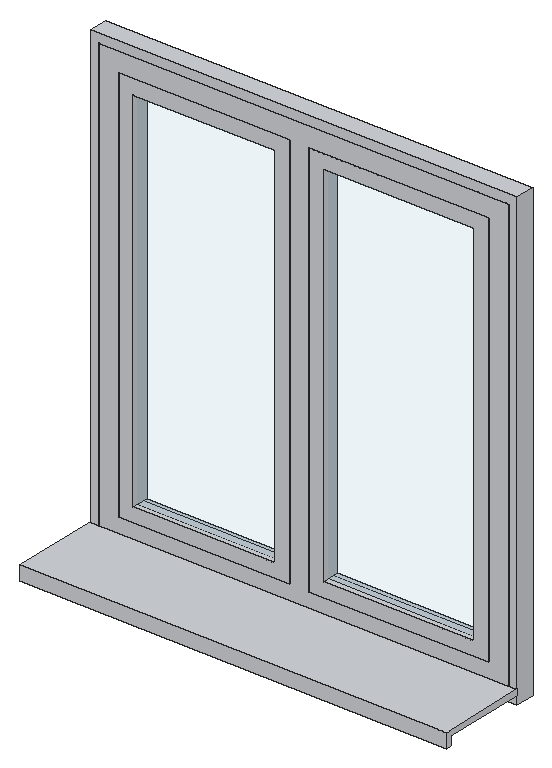
Revit family "AVLN_Окно_2 створки", category Окна, Revit 2019
Family settings
  Основа = Стена
  Номер OmniClass = 23.30.20.00
  Заголовок OmniClass = Windows
  Всегда вертикально = Да
  При загрузке вырезать с полостями = Нет
  Общий = Нет
  Точка расчета площади = Нет
Parameters (values of type "Для копирования!")
  Ширина рамы = 70 mm
  Ширина импоста = 50 mm
  Четверть слева/справа = 50 mm
  Четверть низ = 0 mm  # constant formula
  Четверть верх = 50 mm
  Створка_толщина = 25 mm  # constant formula
  Толщина основы [instance] = 200 mm
  Створка_справа_ширина = Width - ((Ширина рамы * 3) + (Монтажный зазор * 2) + Створка_слева_ширина)  # 630 mm
  Створка_слева_ширина = 600 mm
  Створка_профиль = 50 mm
  Створка_высота = Height - Монтажный зазор * 2 - Ширина рамы * 2  # 1400 mm
  Верх право открывание = АВЛН_Створка открывная : Створка откидная
  Верх лево открывание = АВЛН_Створка открывная : Створка откидная
  Rough Width = Width - Монтажный зазор * 2  # 1440 mm
  Rough Height = Height - Монтажный зазор * 2  # 1540 mm
  Подстановочный профиль_Ширина = 20 mm  # constant formula
  Подстановочный профиль_Толщина = 60 mm
  Подоконник_Толщина = 20 mm
  Подоконник_Длина = Width  # 1500 mm
  Подоконник_Глубина = 280 mm
  Подоконник = yes
  Низ право открывание = АВЛН_Створка открывная : Створка глухая
  Низ лево открывание = АВЛН_Створка открывная : Створка глухая
  Глубина вставки = 0 mm
  Отлив_Толщина = 1 mm  # constant formula
  Отлив_Длина = Width - [Четверть слева/справа] * 2  # 1400 mm
  Отлив_Глубина = 280 mm
  Отлив = no
  Откос_Н.Ширина = Width - 2 * [Четверть слева/справа]  # 1400 mm
  Откос_Н.Толщина.8 = 32 mm
  Откос_Н.Толщина.7 = 28 mm
  Откос_Н.Толщина.6 = 24 mm
  Откос_Н.Толщина.5 = 20 mm
  Откос_Н.Толщина.4 = 16 mm
  Откос_Н.Толщина.3 = 12 mm
  Откос_Н.Толщина.2 = 8 mm
  Откос_Н.Толщина.1 = 4 mm
  Откос_Н.Отступ_П = 0 mm  # constant formula
  Откос_Н.Отступ_Л = 0 mm  # constant formula
  Откос_Н.Количество слоев = 0
  Откос_Н.Глубина = 150 mm
  Откос_Н.Высота = Height - Четверть верх - Четверть низ  # 1550 mm
  Откос_В.Толщина.8 = 32 mm
  Откос_В.Толщина.7 = 28 mm
  Откос_В.Толщина.6 = 24 mm
  Откос_В.Толщина.5 = 20 mm
  Откос_В.Толщина.4 = 16 mm
  Откос_В.Толщина.3 = 12 mm
  Откос_В.Толщина.2 = 8 mm
  Откос_В.Толщина.1 = 4 mm
  Откос_В.Отступ_П [instance] = Монтажный зазор + Подоконник_Толщина  # 50 mm
  Откос_В.Отступ_Л [instance] = Монтажный зазор + Подоконник_Толщина  # 50 mm
  Откос_В.Количество слоев = 0
  Откос_В.Глубина [instance] = Толщина основы - Глубина вставки - Ширина рамы  # 130 mm
  Монтажный зазор = 30 mm
  М.Подоконник = none
  М.Отлив = none
  М.Откос_Н.8 = none
  М.Откос_Н.7 = none
  М.Откос_Н.6 = none
  М.Откос_Н.5 = none
  М.Откос_Н.4 = none
  М.Откос_Н.3 = none
  М.Откос_Н.2 = none
  М.Откос_Н.1 = ADSK_Полимеры_ Поливинилхлорид_(ПВХ) белый
  М.Откос_В.8 = none
  М.Откос_В.7 = none
  М.Откос_В.6 = none
  М.Откос_В.5 = none
  М.Откос_В.4 = none
  М.Откос_В.3 = none
  М.Откос_В.2 = none
  М.Откос_В.1 = ADSK_Полимеры_ Поливинилхлорид_(ПВХ) белый
  М.Монтажного зазора = none
  М.Стекла = Стекло
  М.Рамы = none
  М.Подоконный профиль = none
  Type Comments = ""
  Height = 1600 mm
  Высота подоконника по умолчанию = 800 mm
  Замыкание стены = По основе
  Width = 1500 mm
  Аналитическая конструкция = "<Нет>"
  АВЛН_Проем_Ширина [instance] = Width  # 1500 mm
  АВЛН_Проем_Высота [instance] = Height  # 1600 mm
  ADSK_Этаж [instance] = ""
  ADSK_Размер_Ширина = Width  # 1500 mm
  ADSK_Размер_Высота = Height  # 1600 mm
  ADSK_Примечание [instance] = ""
  ADSK_Площадь = Height * Width  # 2.40 m²
  ADSK_Обозначение = ""
  ADSK_Номер секции [instance] = ""
  ADSK_Наименование = ""
  ADSK_Марка = ""
  ADSK_Группирование = ""
  -----------Разрезка----------- = "-----------"  # constant formula
  -----------Профили----------- = "-----------"  # constant formula
  -----------Подоконник----------- = "-----------"  # constant formula
  -----------Отлив----------- = "-----------"  # constant formula
  -----------Откос----------- = "-----------"  # constant formula
  -----------Основные габариты----------- = "-----------"  # constant formula
  -----------Вставка----------- = "-----------"  # constant formula
Reference planes
  plane 1 "По центру (Вперед/Назад)": y = 0
  plane 2 "По центру (Влево/Вправо)": x = 0
  plane 3 "Слева": x = -750
  plane 4 "Справа": x = 750
  plane 5 "Подоконник": z = 800
  plane 6 "Заголовок": z = 2400
  plane 7 "Наружный": y = 100
  plane 8 "Внутренние": y = -100
  plane 9 "Окно": y = 100
  plane 10: x = 720
  plane 11: z = 2370
  plane 12: x = -720
  plane 13: z = 830
  plane 14: x = 700
  plane 15: x = -700
  plane 16: z = 1600
  plane 17: y = 600
  plane 18: y = -400
  plane 19: z = 2350
  plane 20 "Чет. низ": z = 800
  plane 21 "Внутряння грань": y = 30
  plane 22: y = 80
  plane 23: z = 900
  plane 24: z = 2300
  plane 25: x = -650
  plane 26: x = 650
  plane 27 "5": x = -50
  plane 28 "6": x = 20
  plane 29 "9": x = 0
  plane 30 "10": x = 335
  plane 31 "11": x = -350
Forms (mm)
  Extrusion 1, void
    sketch origin (0, 100, 0) x (1, 0, 0) y (0, 0, 1)
      loop
        line (700, 2350) -> (-700, 2350) -> (-700, 800) -> (700, 800) -> (700, 2350)
    from -500 to 20
  Extrusion 2, void
    sketch origin (0, 100, 0) x (1, 0, 0) y (0, 0, 1)
      loop
        line (750, 2400) -> (-750, 2400) -> (-750, 800) -> (750, 800) -> (750, 2400)
    from 0 to 500
  Extrusion 3, solid, material <- "М.Монтажного зазора", detail levels medium+fine
    sketch origin (0, 100, 0) x (1, 0, 0) y (0, 0, 1)
      loop
        line (750, 2400) -> (-750, 2400) -> (-750, 800) -> (750, 800) -> (750, 2400)
      loop
        line (-720, 2370) -> (-720, 830) -> (720, 830) -> (720, 2370) -> (-720, 2370)
    from 0 to 70
  Extrusion 4, solid, material <- "М.Рамы", detail levels medium+fine
    sketch origin (0, 100, 0) x (-1, 0, 0) y (0, 0, 1)
      loop
        line (-720, 2370) -> (-720, 830) -> (720, 830) -> (720, 2370) -> (-720, 2370)
      loop
        line (50, 2300) -> (50, 900) -> (650, 900) -> (650, 2300) -> (50, 2300)
      loop
        line (-20, 2300) -> (-650, 2300) -> (-650, 900) -> (-20, 900) -> (-20, 2300)
    from -70 to 0
Lines and regions (mm)
  reference lines
    curve 1: line (-15, -100, 2400) -> (-15, -100, 800)
Text (mm)
  text "EXTERIOR" at (-1963.203, 1332.353, 0), in view "Опорный уровень"
  text "INTERIOR" at (-1981.466, -818.386, 0), in view "Опорный уровень"
  text "Наружный" at (0, 923.751, 2943.296), in view "Справа"
  text "Наружный" at (0, 1240.237, 2685.409), in view "Слева"
Dimensions and locks
  equal spacing: plane 3 "Слева", plane 2 "По центру (Влево/Вправо)", plane 4 "Справа"
  "Width": plane 3 "Слева" to plane 4 "Справа"
  "Height": plane 5 "Подоконник" to plane 6 "Заголовок"
  "Высота подоконника по умолчанию": plane 5 "Подоконник" to level
  locked: plane 7 "Наружный" to host wall at 0
  locked: plane 8 "Внутренние" to host wall
  "Глубина вставки": plane 9 "Окно" to plane 7 "Наружный"
  "Монтажный зазор": plane 10 to plane 4 "Справа"
  "Монтажный зазор": plane 3 "Слева" to plane 12
  "Монтажный зазор": plane 11 to plane 6 "Заголовок"
  "Монтажный зазор": plane 5 "Подоконник" to plane 13
  "Четверть слева/справа": plane 14 to plane 4 "Справа"
  "Четверть слева/справа": plane 3 "Слева" to plane 15
  equal spacing: plane 5 "Подоконник", plane 16, plane 6 "Заголовок"
  plane 7 "Наружный" to plane 17 = 500 mm
  locked: plane 18 to plane 8 "Внутренние" at 300
  "Четверть верх": plane 19 to plane 6 "Заголовок"
  "Четверть низ": plane 5 "Подоконник" to plane 20 "Чет. низ"
  "Ширина рамы": plane 9 "Окно" to plane 21 "Внутряння грань"
  "Толщина основы": host wall to host wall
  locked: plane 22 to plane 21 "Внутряння грань" at 50
  "Ширина рамы": plane 26 to plane 10
  "Ширина рамы": plane 12 to plane 25
  "Ширина рамы": plane 13 to plane 23
  "Ширина рамы": plane 24 to plane 11
  "Створка_слева_ширина": plane 25 to plane 27 "5"
  "Ширина рамы": plane 27 "5" to plane 28 "6"
  equal spacing: plane 27 "5", curve 1, plane 28 "6"
  equal spacing: plane 28 "6", plane 30 "10", plane 26
  equal spacing: plane 25, plane 31 "11", plane 27 "5"
  plane 28 "6" to nested 6 to plane 26 = 315 mm, 315 mm
  aligned and locked: Extrusion 1 sketch curve to plane 14
  aligned and locked: plane 15 to Extrusion 1 sketch curve
  aligned and locked: plane 17 to Extrusion 1
  aligned and locked: Extrusion 2 sketch curve to plane 6 "Заголовок"
  aligned and locked: Extrusion 2 sketch curve to plane 4 "Справа"
  aligned and locked: plane 5 "Подоконник" to Extrusion 2 sketch curve
  aligned and locked: plane 3 "Слева" to Extrusion 2 sketch curve
  aligned and locked: plane 9 "Окно" to Extrusion 2
  aligned and locked: Extrusion 2 to plane 18
  aligned and locked: Extrusion 1 sketch curve to plane 19
  aligned and locked: plane 20 "Чет. низ" to Extrusion 1 sketch curve
  aligned and locked: plane 9 "Окно" to nested 1
  aligned and locked: plane 2 "По центру (Влево/Вправо)" to nested 1
  aligned and locked: nested 2 to plane 21 "Внутряння грань"
  aligned and locked: nested 2 to plane 2 "По центру (Влево/Вправо)"
  aligned and locked: nested 3 to plane 2 "По центру (Влево/Вправо)"
  aligned and locked: plane 8 "Внутренние" to nested 3
  aligned and locked: nested 4 to plane 9 "Окно"
  aligned and locked: Extrusion 3 sketch curve to plane 6 "Заголовок"
  aligned and locked: Extrusion 3 sketch curve to plane 4 "Справа"
  aligned and locked: Extrusion 3 sketch curve to nested 2  (x2)
  aligned and locked: Extrusion 3 sketch curve to plane 11
  aligned and locked: Extrusion 3 sketch curve to plane 12
  aligned and locked: Extrusion 3 sketch curve to plane 13
  aligned and locked: plane 10 to Extrusion 3 sketch curve
  aligned and locked: Extrusion 3 to nested 2
  aligned and locked: plane 12 to Extrusion 4 sketch curve
  aligned and locked: plane 13 to Extrusion 4 sketch curve
  aligned and locked: Extrusion 4 sketch curve to plane 24
  aligned and locked: Extrusion 4 sketch curve to plane 11
  aligned and locked: plane 20 "Чет. низ" to nested 4
  aligned and locked: nested 4 to plane 2 "По центру (Влево/Вправо)"
  aligned and locked: plane 9 "Окно" to Extrusion 3
  aligned and locked: Extrusion 4 to plane 21 "Внутряння грань"
  aligned and locked: plane 9 "Окно" to Extrusion 4
  aligned and locked: Extrusion 1 to plane 22
  aligned and locked: Extrusion 4 sketch curve to plane 10
  aligned and locked: plane 24 to Extrusion 4 sketch curve
  aligned and locked: Extrusion 4 sketch curve to plane 23
  aligned and locked: Extrusion 4 sketch curve to plane 26
  aligned and locked: Extrusion 4 sketch curve to plane 28 "6"
  aligned and locked: plane 6 "Заголовок" to curve 1
  aligned and locked: plane 5 "Подоконник" to curve 1
  aligned and locked: plane 30 "10" to nested 6
  aligned and locked: plane 31 "11" to nested 5
  aligned and locked: plane 23 to Extrusion 4
  aligned and locked: plane 16 to nested 5
  aligned and locked: plane 16 to nested 6
Automatic sketch dimensions
  plane 25 to Extrusion 4 sketch curve = 0 mm
  plane 23 to Extrusion 4 sketch curve = 0 mm
  plane 27 "5" to Extrusion 4 sketch curve = 0 mm
Nested families
  nested 1: "Отлив" at (0, 100, 800) x (-1, 0, 0) z (0, 0, 1), Глубина отлива <- "Отлив_Глубина", Длина отлива <- "Отлив_Длина", ТО <- "Отлив_Толщина", Ш_МЗЗ <- "Монтажный зазор", Ш_ПП <- "Подстановочный профиль_Ширина", ADSK_Группирование <- "ADSK_Группирование", ADSK_Номер секции <- "ADSK_Номер секции", ADSK_Этаж <- "ADSK_Этаж", visible <- "Отлив", М <- "М.Отлив", type "Отлив", detail levels fine
    with Ш_ПП 20 mm, Ш_МЗЗ 30 mm, ТО 1 mm, М none, Длина отлива 1400 mm, Глубина отлива 280 mm, ADSK_Этаж "", ADSK_Примечание "", ADSK_Обозначение "", ADSK_Номер секции "", ADSK_Наименование "", ADSK_Марка "", ADSK_Группирование ""
  nested 2: "Подоконник" at (0, 30, 800), Глубина подоконника <- "Подоконник_Глубина", Длина отлива <- "Подоконник_Длина", ТП <- "Подоконник_Толщина", Ш_МЗЗ <- "Монтажный зазор", Ш_ПП <- "Подстановочный профиль_Ширина", ADSK_Группирование <- "ADSK_Группирование", ADSK_Номер секции <- "ADSK_Номер секции", ADSK_Этаж <- "ADSK_Этаж", visible <- "Подоконник", М <- "М.Подоконник", type "Подоконник", detail levels fine
    with Ш_ПП 20 mm, Ш_МЗЗ 30 mm, ТП 20 mm, М none, Длина отлива 1500 mm, Глубина подоконника 280 mm, ADSK_Этаж "", ADSK_Примечание "", ADSK_Обозначение "", ADSK_Номер секции "", ADSK_Наименование "", ADSK_Марка "", ADSK_Группирование ""
  nested 3: "AVLN_Откосы_R19" at (0, -100, 0), Глубина <- "Откос_В.Глубина", Высота от уровня <- "Высота подоконника по умолчанию", ADSK_Группирование <- "Type Comments", ADSK_Этаж <- "ADSK_Этаж", ADSK_Номер секции <- "ADSK_Номер секции", Материал_1 <- "М.Откос_В.1", Материал_2 <- "М.Откос_В.2", Материал_3 <- "М.Откос_В.3", Материал_4 <- "М.Откос_В.4", Материал_5 <- "М.Откос_В.5", Материал_6 <- "М.Откос_В.6", Материал_7 <- "М.Откос_В.7", Материал_8 <- "М.Откос_В.8", Толщина_1 <- "Откос_В.Толщина.1", Толщина_2 <- "Откос_В.Толщина.2", Толщина_3 <- "Откос_В.Толщина.3", Толщина_4 <- "Откос_В.Толщина.4", Толщина_5 <- "Откос_В.Толщина.5", Толщина_6 <- "Откос_В.Толщина.6", Толщина_7 <- "Откос_В.Толщина.7", Толщина_8 <- "Откос_В.Толщина.8", Количество слоев <- "Откос_В.Количество слоев", Отступ_Л <- "Откос_В.Отступ_Л", Отступ_П <- "Откос_В.Отступ_П", Высота <- "Height", Ширина <- "Width", type "AVLN_Откосы_R19"
    with Ширина_8 1276 mm, Ширина_7 1332 mm, Ширина_6 1380 mm, Ширина_5 1420 mm, Ширина_4 1452 mm, Ширина_3 1476 mm, Ширина_2 1492 mm, Ширина 1500 mm, Толщина_8 32 mm, Толщина_7 28 mm, Толщина_6 24 mm, Толщина_5 20 mm, Толщина_4 16 mm, Толщина_3 12 mm, Толщина_2 8 mm, Толщина_1 4 mm, Отступ_П 50 mm, Отступ_Л 50 mm, Материал_8 none, Материал_7 none, Материал_6 none, Материал_5 none, Материал_4 none, Материал_3 none, Материал_2 none, Материал_1 ADSK_Полимеры_ Поливинилхлорид_(ПВХ) белый, Количество слоев 0, Глубина 130 mm, Высота_8 1488 mm, Высота_7 1516 mm, Высота_6 1540 mm, Высота_5 1560 mm, Высота_4 1576 mm, Высота_3 1588 mm, Высота_2 1596 mm, Высота от уровня 800 mm, Высота 1600 mm, Видимость_8 no, Видимость_7 no, Видимость_6 no, Видимость_5 no, Видимость_4 no, Видимость_3 no, Видимость_2 no, Видимость_1 no, ADSK_Этаж "", ADSK_Номер секции "", ADSK_Группирование ""
  nested 4: "AVLN_Откосы_R19" at (0, 100, 0), Ширина <- "Откос_Н.Ширина", Глубина <- "Откос_Н.Глубина", Высота <- "Откос_Н.Высота", Высота от уровня <- "Высота подоконника по умолчанию", ADSK_Группирование <- "Type Comments", ADSK_Этаж <- "ADSK_Этаж", ADSK_Номер секции <- "ADSK_Номер секции", Материал_1 <- "М.Откос_Н.1", Материал_2 <- "М.Откос_Н.2", Материал_3 <- "М.Откос_Н.3", Материал_4 <- "М.Откос_Н.4", Материал_5 <- "М.Откос_Н.5", Материал_6 <- "М.Откос_Н.6", Материал_7 <- "М.Откос_Н.7", Материал_8 <- "М.Откос_Н.8", Толщина_1 <- "Откос_Н.Толщина.1", Толщина_2 <- "Откос_Н.Толщина.2", Толщина_3 <- "Откос_Н.Толщина.3", Толщина_4 <- "Откос_Н.Толщина.4", Толщина_5 <- "Откос_Н.Толщина.5", Толщина_6 <- "Откос_Н.Толщина.6", Толщина_7 <- "Откос_Н.Толщина.7", Толщина_8 <- "Откос_Н.Толщина.8", Количество слоев <- "Откос_Н.Количество слоев", Отступ_Л <- "Откос_Н.Отступ_Л", Отступ_П <- "Откос_Н.Отступ_П", type "AVLN_Откосы_R19"
    with Ширина_8 1176 mm, Ширина_7 1232 mm, Ширина_6 1280 mm, Ширина_5 1320 mm, Ширина_4 1352 mm, Ширина_3 1376 mm, Ширина_2 1392 mm, Ширина 1400 mm, Толщина_8 32 mm, Толщина_7 28 mm, Толщина_6 24 mm, Толщина_5 20 mm, Толщина_4 16 mm, Толщина_3 12 mm, Толщина_2 8 mm, Толщина_1 4 mm, Отступ_П 0 mm, Отступ_Л 0 mm, Материал_8 none, Материал_7 none, Материал_6 none, Материал_5 none, Материал_4 none, Материал_3 none, Материал_2 none, Материал_1 ADSK_Полимеры_ Поливинилхлорид_(ПВХ) белый, Количество слоев 0, Глубина 150 mm, Высота_8 1438 mm, Высота_7 1466 mm, Высота_6 1490 mm, Высота_5 1510 mm, Высота_4 1526 mm, Высота_3 1538 mm, Высота_2 1546 mm, Высота от уровня 800 mm, Высота 1550 mm, Видимость_8 no, Видимость_7 no, Видимость_6 no, Видимость_5 no, Видимость_4 no, Видимость_3 no, Видимость_2 no, Видимость_1 no, ADSK_Этаж "", ADSK_Номер секции "", ADSK_Группирование ""
  nested 5: "АВЛН_Створка открывная" at (-350, 30, 1600) x (1, 0, 0) z (0, 1, 0), type <- "Верх лево открывание", Створка высота <- "Створка_высота", Створка ширина <- "Створка_слева_ширина", Ширина рамы <- "Створка_профиль", Материал_Ручки <- "М.Рамы", Материал_Рама <- "М.Рамы", Материал_Стеклопакет <- "М.Стекла", type "Створка откидная", detail levels medium+fine
    with Ширина рамы 50 mm, Створка ширина 600 mm, Створка высота 1400 mm, Материал_Стеклопакет Стекло, Материал_Ручки none, Материал_Рама none, Width 600 mm, Height 1400 mm
  nested 6: "АВЛН_Створка открывная" at (335, 30, 1600) x (1, 0, 0) z (0, 1, 0), type <- "Верх право открывание", Створка высота <- "Створка_высота", Створка ширина <- "Створка_справа_ширина", Ширина рамы <- "Створка_профиль", Материал_Ручки <- "М.Рамы", Материал_Рама <- "М.Рамы", Материал_Стеклопакет <- "М.Стекла", type "Створка откидная", detail levels medium+fine
    with Ширина рамы 50 mm, Створка ширина 630 mm, Створка высота 1400 mm, Материал_Стеклопакет Стекло, Материал_Ручки none, Материал_Рама none, Width 600 mm, Height 1400 mm
Definition of nested family "Отлив"
  Parameters (values of type "Отлив")
    Ш_ПП [instance] = 50 mm
    Ш_МЗЗ [instance] = 35 mm
    ТО [instance] = 1 mm
    Default Elevation = 1219.2 mm
    М [instance] = none
    Длина отлива [instance] = 1560 mm
    Глубина отлива [instance] = 280 mm
    ADSK_Этаж [instance] = ""
    ADSK_Примечание [instance] = ""
    ADSK_Обозначение [instance] = ""
    ADSK_Номер секции [instance] = ""
    ADSK_Наименование [instance] = ""
    ADSK_Марка [instance] = ""
    ADSK_Группирование [instance] = ""
  Reference planes
    plane 1 "По центру (Вперед/Назад)": y = 0
    plane 2: z = 0
    plane 3 "По центру (Влево/Вправо)": x = 0
    plane 4: y = -280
    plane 5: x = -780
    plane 6: x = 780
    plane 7: z = 35
    plane 8: z = 85
    plane 9: y = -1
    plane 10: y = -300
    plane 11: y = -301
    plane 12: z = -35
    plane 13: z = 34
  Forms (mm)
    Extrusion 1, solid, material <- "М"
      sketch origin (0, 0, 0) x (0, 1, 0) y (0, 0, 1)
        loop
          line (0, 85) -> (-1, 85) -> (-1, 34.893) -> (-301, 0.893) -> (-301, -35) -> (-300, -35) -> (-300, 0) -> (0, 34) -> (0, 85)
      from -780 to 780
  Dimensions and locks
    equal spacing: plane 5, plane 3 "По центру (Влево/Вправо)", plane 6
    "Длина отлива": plane 5 to plane 6
    "Глубина отлива": plane 4 to plane 1 "По центру (Вперед/Назад)"
    "Ш_МЗЗ": plane 7 to level
    "Ш_ПП": plane 8 to plane 7
    "ТО": plane 1 "По центру (Вперед/Назад)" to plane 9
    "ТО": plane 10 to plane 11
    locked: level to plane 12 at 35
    "ТО": plane 7 to plane 13
    "ТО": Extrusion 1 sketch curve to Extrusion 1 sketch curve
    locked: plane 4 to plane 10 at 20
    aligned and locked: level to plane 2
    aligned and locked: plane 8 to Extrusion 1 sketch curve
    aligned and locked: plane 9 to Extrusion 1 sketch curve
    aligned and locked: plane 11 to Extrusion 1 sketch curve
    aligned and locked: plane 12 to Extrusion 1 sketch curve
    aligned and locked: plane 1 "По центру (Вперед/Назад)" to Extrusion 1 sketch curve  (x2)
    aligned and locked: plane 13 to Extrusion 1 sketch curve
    aligned and locked: level to Extrusion 1 sketch curve
    aligned and locked: plane 10 to Extrusion 1 sketch curve
    aligned and locked: plane 6 to Extrusion 1
    aligned and locked: Extrusion 1 to plane 5
Definition of nested family "Подоконник"
  Parameters (values of type "Подоконник")
    Ш_ПП [instance] = 50 mm
    Ш_МЗЗ [instance] = 35 mm
    ТП [instance] = 20 mm
    Default Elevation = 1219.2 mm
    М [instance] = none
    Длина отлива [instance] = 1560 mm
    Глубина подоконника [instance] = 280 mm
    ADSK_Этаж [instance] = ""
    ADSK_Примечание [instance] = ""
    ADSK_Обозначение [instance] = ""
    ADSK_Номер секции [instance] = ""
    ADSK_Наименование [instance] = ""
    ADSK_Марка [instance] = ""
    ADSK_Группирование [instance] = ""
  Reference planes
    plane 1 "По центру (Вперед/Назад)": y = 0
    plane 2: z = 0
    plane 3 "По центру (Влево/Вправо)": x = 0
    plane 4: y = -280
    plane 5: x = -780
    plane 6: x = 780
    plane 7: z = 35
    plane 8: z = 85
    plane 9: y = -20
    plane 10: y = -290
    plane 11: y = -310
    plane 12: z = -35
    plane 13: z = 15
    plane 14: z = 65
  Forms (mm)
    Extrusion 1, solid, material <- "М"
      sketch origin (0, 0, 0) x (0, 1, 0) y (0, 0, 1)
        loop
          line (0, 85) -> (-310, 85) -> (-310, 0) -> (-290, 0) -> (-290, 65) -> (0, 65) -> (0, 85)
      from -780 to 780
  Dimensions and locks
    equal spacing: plane 5, plane 3 "По центру (Влево/Вправо)", plane 6
    "Длина отлива": plane 5 to plane 6
    "Глубина подоконника": plane 4 to plane 1 "По центру (Вперед/Назад)"
    "Ш_МЗЗ": plane 7 to level
    "Ш_ПП": plane 8 to plane 7
    "ТП": plane 1 "По центру (Вперед/Назад)" to plane 9
    "ТП": plane 10 to plane 11
    locked: level to plane 12 at 35
    "ТП": plane 7 to plane 13
    locked: plane 4 to plane 10 at 10
    "ТП": plane 8 to plane 14
    aligned and locked: level to plane 2
    aligned and locked: plane 8 to Extrusion 1 sketch curve
    aligned and locked: plane 1 "По центру (Вперед/Назад)" to Extrusion 1 sketch curve
    aligned and locked: plane 10 to Extrusion 1 sketch curve
    aligned and locked: plane 11 to Extrusion 1 sketch curve
    aligned and locked: level to Extrusion 1 sketch curve
    aligned and locked: plane 14 to Extrusion 1 sketch curve
    aligned and locked: Extrusion 1 to plane 5
    aligned and locked: plane 6 to Extrusion 1
Definition of nested family "АВЛН_Створка открывная"
  Parameters (values of type "Створка повороно-откидная правая")
    Ширина рамы [instance] = 50 mm
    Width = 600 mm
    Створка ширина [instance] = 800 mm
    Створка высота [instance] = 700 mm
    Материал_Стеклопакет [instance] = none
    Поворотная Правая = yes
    Поворотная Левая = no
    Default Elevation = 1219.2 mm
    Открываная = yes
    Откидная = yes
    Материал_Ручки [instance] = none
    Материал_Рама [instance] = none
    Левая = yes
    Глухое = no
    Height = 1150 mm
    Analytic Construction = "<Нет>"
  Types (6, lengths in mm): name | Width | Поворотная Правая | Поворотная Левая | Открываная | Откидная | Глухое | Height
    Створка повороно-откидная правая | 600 | yes | no | yes | yes | no | 1150
    Створка повороно-откидная левая | 600 | no | yes | yes | yes | no | 1150
    Створка глухая | 600 | no | no | no | no | yes | 1150
    Створка откидная | 1300 | no | no | yes | yes | no | 1700
    Створка поворотная правая | 600 | yes | no | yes | no | no | 1150
    Створка поворотная левая | 600 | no | yes | yes | no | no | 1150
  Reference planes
    plane 1 "По центру (Вперед/Назад)": y = 0
    plane 2 "Внутрення грань": z = 0
    plane 3 "По центру (Влево/Вправо)": x = 0
    plane 4: y = 350
    plane 5: x = 400
    plane 6: y = -350
    plane 7: x = -400
    plane 8 "Наружняя грань": z = 60.433
    plane 9 "По центру Л/Р": z = 30.216
  Forms (mm)
    Extrusion 1, solid
      sketch origin (0, 0, 0) x (1, 0, 0) y (0, 1, 0)
        loop
          line (-1219.2, 1219.2) -> (-1219.2, -1219.2) -> (1219.2, -1219.2) -> (1219.2, 1219.2) -> (-1219.2, 1219.2)
      from 0 to -304.8
    Sweep 2, solid, material <- "Материал_Рама", visible <- "Открываная"
      path origin (0, 0, 0) x (1, 0, 0) y (0, 1, 0)
        loop
          line (400, 350) -> (-400, 350) -> (-400, -350) -> (400, -350) -> (400, 350)
      profile origin (0, 350, 0) x (0, -1, 0) y (0, 0, 1)
        loop
          line (0, 0) -> (50, 0) -> (50, 60.433) -> (0, 60.433) -> (0, 0)
    Extrusion 3, solid, material <- "Материал_Стеклопакет", visible <- "Открываная"
      sketch origin (0, 0, 0) x (1, 0, 0) y (0, 1, 0)
        loop
          line (-350, 300) -> (-350, -300) -> (350, -300) -> (350, 300) -> (-350, 300)
      from 17.481 to 42.952
    Extrusion 4, solid, material <- "Материал_Стеклопакет", visible <- "Глухое"
      sketch origin (0, 0, 0) x (1, 0, 0) y (0, 1, 0)
        loop
          line (-400, 350) -> (-400, -350) -> (400, -350) -> (400, 350) -> (-400, 350)
      from 17.481 to 42.952
  Lines and regions (mm)
    model lines, visible <- "Глухое", detail levels medium+fine
      curve 1: line (0, 50, 60.433) -> (0, -50, 60.433)
      curve 2: line (50, 0, 60.433) -> (-50, 0, 60.433)
      curve 17: line (0, 50, 0) -> (0, -50, 0)
      curve 18: line (50, 0, 0) -> (-50, 0, 0)
    model lines, visible <- "Глухое", not visible, detail levels medium+fine
      curve 3: line (60, 38.001, 60.433) -> (60, -61.999, 60.433)
      curve 4: line (110, -11.999, 60.433) -> (10, -11.999, 60.433)
    model lines, visible <- "Поворотная Правая", detail levels medium+fine
      curve 5: line (400, 350, 0) -> (-400, 0, 0)
      curve 6: line (400, -350, 0) -> (-400, 0, 0)
      curve 13: line (400, 350, 60.433) -> (-400, 0, 60.433)
      curve 14: line (400, -350, 60.433) -> (-400, 0, 60.433)
    model lines, visible <- "Откидная", detail levels medium+fine
      curve 7: line (-400, -350, 0) -> (0, 350, 0)
      curve 8: line (0, 350, 0) -> (400, -350, 0)
      curve 15: line (-400, -350, 60.433) -> (0, 350, 60.433)
      curve 16: line (0, 350, 60.433) -> (400, -350, 60.433)
    model lines, visible <- "Поворотная Левая", detail levels medium+fine
      curve 9: line (-400, 350, 0) -> (400, 0, 0)
      curve 10: line (-400, -350, 0) -> (400, 0, 0)
      curve 11: line (-400, 350, 60.433) -> (400, 0, 60.433)
      curve 12: line (-400, -350, 60.433) -> (400, 0, 60.433)
  Dimensions and locks
    "Створка высота": plane 4 to plane 6
    "Створка ширина": plane 7 to plane 5
    equal spacing: plane 7, plane 3 "По центру (Влево/Вправо)", plane 5
    equal spacing: plane 6, plane 1 "По центру (Вперед/Назад)", plane 4
    plane 2 "Внутрення грань" to plane 8 "Наружняя грань" = 60.433 mm
    level to Extrusion 4 = 42.952 mm
    plane 8 "Наружняя грань" to level = 60.433 mm
    equal spacing: Extrusion 3, plane 9 "По центру Л/Р", Extrusion 3
    equal spacing: plane 8 "Наружняя грань", plane 9 "По центру Л/Р", level
    Extrusion 3 to Extrusion 3 = 25.471 mm
    "Ширина рамы": profile plane to Sweep 2 sketch curve
    equal spacing: Extrusion 4, plane 9 "По центру Л/Р", Extrusion 4, locked at 12.735 each
    locked: Extrusion 4 to Extrusion 4 at 25.471
    equal spacing: Sweep 2, nested 1, Sweep 2
    equal spacing: Sweep 2, nested 2, Sweep 2
    aligned and locked: plane 2 "Внутрення грань" to Extrusion 1
    aligned and locked: level to Extrusion 1
    aligned and locked: plane 4 to Sweep 2 sketch curve
    aligned and locked: plane 5 to Sweep 2 sketch curve
    aligned and locked: plane 6 to Sweep 2 sketch curve
    aligned and locked: Sweep 2 sketch curve to plane 7
    aligned and locked: Extrusion 3 sketch curve to Sweep 2  (x4)
    aligned and locked: Extrusion 4 sketch curve to Sweep 2  (x3)
    aligned and locked: Extrusion 4 sketch curve to plane 5
    aligned and locked: Sweep 2 sketch curve to plane 8 "Наружняя грань"
    aligned and locked: plane 6 to Extrusion 4
    aligned and locked: plane 4 to Extrusion 4
    aligned and locked: curve 2 to plane 1 "По центру (Вперед/Назад)"
    aligned and locked: curve 1 to plane 3 "По центру (Влево/Вправо)"
    aligned and locked: curve 18 to plane 1 "По центру (Вперед/Назад)"
    aligned and locked: curve 17 to plane 3 "По центру (Влево/Вправо)"
    aligned and locked: nested 2 to plane 1 "По центру (Вперед/Назад)"
    aligned and locked: nested 1 to plane 1 "По центру (Вперед/Назад)"
  Automatic sketch dimensions
    Extrusion 1 sketch curve to Extrusion 1 sketch curve = 2438.4 mm  (x2)
    plane 1 "По центру (Вперед/Назад)" to curve 5 = 0 mm
    curve 5 to plane 7 = 0 mm
    curve 9 to plane 4 = 0 mm
    curve 9 to plane 7 = 0 mm
    plane 6 to curve 7 = 0 mm
    curve 7 to plane 7 = 0 mm
    curve 7 to plane 3 "По центру (Влево/Вправо)" = 0 mm
    curve 6 to plane 5 = 0 mm
    plane 1 "По центру (Вперед/Назад)" to curve 9 = 0 mm
    curve 9 to plane 5 = 0 mm
    curve 5 to plane 4 = 0 mm
    curve 5 to plane 5 = 0 mm
    plane 6 to curve 8 = 0 mm
    curve 8 to plane 4 = 0 mm
    curve 11 to plane 4 = 0 mm
    curve 11 to plane 7 = 0 mm
    plane 6 to curve 15 = 0 mm
    curve 15 to plane 7 = 0 mm
    plane 1 "По центру (Вперед/Назад)" to curve 14 = 0 mm
    curve 14 to plane 7 = 0 mm
    curve 15 to plane 3 "По центру (Влево/Вправо)" = 0 mm
    plane 1 "По центру (Вперед/Назад)" to curve 11 = 0 mm
    curve 11 to plane 5 = 0 mm
    curve 14 to plane 5 = 0 mm
    curve 13 to plane 4 = 0 mm
    curve 13 to plane 5 = 0 mm
    plane 6 to curve 14 = 0 mm
    curve 15 to plane 4 = 0 mm
    plane 1 "По центру (Вперед/Назад)" to curve 2 = 0 mm
    curve 1 to plane 3 "По центру (Влево/Вправо)" = 0 mm
    curve 2 to plane 3 "По центру (Влево/Вправо)" = 50 mm
    plane 3 "По центру (Влево/Вправо)" to curve 2 = 50 mm
    plane 1 "По центру (Вперед/Назад)" to curve 1 = 50 mm
    curve 1 to plane 1 "По центру (Вперед/Назад)" = 50 mm
    curve 18 to curve 17 = 50 mm
    curve 17 to curve 18 = 50 mm
    plane 1 "По центру (Вперед/Назад)" to curve 17 = 50 mm
    curve 17 to plane 1 "По центру (Вперед/Назад)" = 50 mm
    Sweep 2 sketch curve to level = 0 mm
    Sweep 2 sketch curve to profile plane = 0 mm
  Nested families
    nested 1: "АВЛН_Ручка" at (375, 1040, 0) x (1, 0, 0) z (0, -1, 0), visible <- "Поворотная Левая", Материал дверной ручки <- "Материал_Рама", type "АВЛН_Ручка", detail levels fine
      with Материал дверной ручки none, Высота расположения дверной ручки 1040 mm
    nested 2: "АВЛН_Ручка" at (-375, 1040, 0) x (1, 0, 0) z (0, -1, 0), visible <- "Поворотная Правая", Материал дверной ручки <- "Материал_Рама", type "АВЛН_Ручка", detail levels fine
      with Материал дверной ручки none, Высота расположения дверной ручки 1040 mm
  Definition of nested family "АВЛН_Ручка"
    Parameters (values of type "АВЛН_Ручка")
      Default Elevation = 1219.2 mm
      Материал дверной ручки [instance] = none
      Высота расположения дверной ручки [instance] = 1040 mm
      Analytic Construction = "<Нет>"
      b = 25 mm
      a = 75 mm
    Reference planes
      plane 1 "По центру (Вперед/Назад)": y = 0
      plane 2: z = 0
      plane 3 "По центру (Влево/Вправо)": x = 0
      plane 4: z = 1040
      plane 5: x = 12.5
      plane 6: x = -12.5
      plane 7: z = 1002.5
      plane 8: z = 1077.5
      plane 9: y = -15
    Forms (mm)
      Extrusion 1, solid, material <- "Материал дверной ручки"
        sketch origin (0, 0, 2080) x (-1, 0, 0) y (0, 0, -1)
          loop
            arc (-2.5, 1077.5) -> (-9.571, 1074.571) -> (-12.5, 1067.5) r 10
            line (-12.5, 1067.5) -> (-12.5, 1012.5)
            arc (-12.5, 1012.5) -> (-9.571, 1005.429) -> (-2.5, 1002.5) r 10
            line (-2.5, 1002.5) -> (2.5, 1002.5)
            arc (2.5, 1002.5) -> (9.571, 1005.429) -> (12.5, 1012.5) r 10
            line (12.5, 1012.5) -> (12.5, 1067.5)
            arc (12.5, 1067.5) -> (9.571, 1074.571) -> (2.5, 1077.5) r 10
            line (2.5, 1077.5) -> (-2.5, 1077.5)
        from 0 to 15
      Sweep 2, solid, material <- "Материал дверной ручки"
        path origin (-1040, 0, 1040) x (0, 0, -1) y (0, 1, 0)
          loop
            line (0, -15) -> (0, -38.261)
            arc (0, -38.261) -> (-2.929, -45.332) -> (-10, -48.261) r 10
            line (-10, -48.261) -> (-130, -48.261)
        profile origin (-1040, -26.63, 1040) x (0, 0, -1) y (1, 0, 0)
          loop
            circle (0, 1040) r 8
    Dimensions and locks
      "Высота расположения дверной ручки": plane 4 to level
      "a": plane 7 to plane 8
      "b": plane 6 to plane 5
      plane 6 to plane 5 = 25 mm
      locked: plane 1 "По центру (Вперед/Назад)" to plane 9 at 15
      plane 7 to plane 8 = 75 mm
      aligned and locked: level to plane 2
      aligned and locked: Extrusion 1 sketch curve to plane 7
      aligned and locked: plane 5 to Extrusion 1 sketch curve
      aligned and locked: plane 8 to Extrusion 1 sketch curve
      aligned and locked: Extrusion 1 sketch curve to plane 6
      aligned and locked: Extrusion 1 to plane 1 "По центру (Вперед/Назад)"
    Automatic sketch dimensions
      Sweep 2 sketch curve to plane 9 = 0 mm
      plane 4 to Sweep 2 sketch curve = 10 mm
      plane 9 to Sweep 2 sketch curve = 23.261 mm
      Sweep 2 sketch curve to Sweep 2 sketch curve = 120 mm
      Sweep 2 sketch curve to profile plane = 0 mm
      profile plane to Sweep 2 sketch curve = 1040 mm
      Sweep 2 sketch curve to plane 4 = 0 mm
      plane 3 "По центру (Влево/Вправо)" to Extrusion 1 sketch curve = 2.5 mm  (x2)
      Extrusion 1 sketch curve to plane 3 "По центру (Влево/Вправо)" = 2.5 mm  (x2)
      radius of Sweep 2 sketch curve = 8 mm
Definition of nested family "AVLN_Откосы_R19"
  Parameters (values of type "AVLN_Откосы_R19")
    Ширина_8 [instance] = Ширина_7 - Толщина_7 * 2  # 776 mm
    Ширина_7 [instance] = Ширина_6 - Толщина_6 * 2  # 832 mm
    Ширина_6 [instance] = Ширина_5 - Толщина_5 * 2  # 880 mm
    Ширина_5 [instance] = Ширина_4 - Толщина_4 * 2  # 920 mm
    Ширина_4 [instance] = Ширина_3 - Толщина_3 * 2  # 952 mm
    Ширина_3 [instance] = Ширина_2 - Толщина_2 * 2  # 976 mm
    Ширина_2 [instance] = Ширина - Толщина_1 * 2  # 992 mm
    Ширина [instance] = 1000 mm
    Толщина_8 [instance] = 32 mm
    Толщина_7 [instance] = 28 mm
    Толщина_6 [instance] = 24 mm
    Толщина_5 [instance] = 20 mm
    Толщина_4 [instance] = 16 mm
    Толщина_3 [instance] = 12 mm
    Толщина_2 [instance] = 8 mm
    Толщина_1 [instance] = 4 mm
    Отступ_П [instance] = 0 mm
    Отступ_Л [instance] = 0 mm
    Default Elevation = 1219.2 mm
    Материал_8 [instance] = none
    Материал_7 [instance] = none
    Материал_6 [instance] = none
    Материал_5 [instance] = none
    Материал_4 [instance] = none
    Материал_3 [instance] = none
    Материал_2 [instance] = none
    Материал_1 [instance] = none
    Type Comments = ""
    Количество слоев [instance] = 8
    Глубина [instance] = 200 mm
    Высота_8 [instance] = Высота_7 - Толщина_7  # 1388 mm
    Высота_7 [instance] = Высота_6 - Толщина_6  # 1416 mm
    Высота_6 [instance] = Высота_5 - Толщина_5  # 1440 mm
    Высота_5 [instance] = Высота_4 - Толщина_4  # 1460 mm
    Высота_4 [instance] = Высота_3 - Толщина_3  # 1476 mm
    Высота_3 [instance] = Высота_2 - Толщина_2  # 1488 mm
    Высота_2 [instance] = Высота - Толщина_1  # 1496 mm
    Высота от уровня [instance] = 377.189 mm
    Высота [instance] = 1500 mm
    Видимость_8 [instance] = Количество слоев > 7  # yes
    Видимость_7 [instance] = Количество слоев > 6  # yes
    Видимость_6 [instance] = Количество слоев > 5  # yes
    Видимость_5 [instance] = Количество слоев > 4  # yes
    Видимость_4 [instance] = Количество слоев > 3  # yes
    Видимость_3 [instance] = Количество слоев > 2  # yes
    Видимость_2 [instance] = Количество слоев > 1  # yes
    Видимость_1 [instance] = Количество слоев > 0  # yes
    ADSK_Этаж [instance] = ""
    ADSK_Номер секции [instance] = ""
    ADSK_Группирование [instance] = ""
  Reference planes
    plane 1 "По центру (Вперед/Назад)": y = 0
    plane 2: z = 0
    plane 3 "По центру (Влево/Вправо)": x = 0
    plane 4: y = 200
    plane 5: z = 377.189
  Dimensions and locks
    "Глубина": plane 4 to plane 1 "По центру (Вперед/Назад)"
    "Высота от уровня": plane 5 to level
    aligned and locked: level to plane 2
    aligned and locked: plane 3 "По центру (Влево/Вправо)" to nested 1
    aligned and locked: nested 1 to plane 1 "По центру (Вперед/Назад)"
    aligned and locked: plane 3 "По центру (Влево/Вправо)" to nested 2
    aligned and locked: nested 2 to plane 1 "По центру (Вперед/Назад)"
    aligned and locked: plane 3 "По центру (Влево/Вправо)" to nested 3
    aligned and locked: nested 3 to plane 1 "По центру (Вперед/Назад)"
    aligned and locked: plane 3 "По центру (Влево/Вправо)" to nested 4
    aligned and locked: nested 4 to plane 1 "По центру (Вперед/Назад)"
    aligned and locked: plane 3 "По центру (Влево/Вправо)" to nested 5
    aligned and locked: nested 5 to plane 1 "По центру (Вперед/Назад)"
    aligned and locked: plane 3 "По центру (Влево/Вправо)" to nested 6
    aligned and locked: nested 6 to plane 1 "По центру (Вперед/Назад)"
    aligned and locked: plane 3 "По центру (Влево/Вправо)" to nested 7
    aligned and locked: nested 7 to plane 1 "По центру (Вперед/Назад)"
    aligned and locked: plane 3 "По центру (Влево/Вправо)" to nested 8
    aligned and locked: nested 8 to plane 1 "По центру (Вперед/Назад)"
  Nested families
    nested 1: "Откос_R1" at (0, 100, 377.189), ADSK_Размер_Глубина <- "Глубина", built-in parameter 1001364 <- "Высота от уровня", ADSK_Группирование <- "ADSK_Группирование", ADSK_Номер секции <- "ADSK_Номер секции", ADSK_Этаж <- "ADSK_Этаж", visible <- "Видимость_1", Видимость <- "Видимость_1", Материал <- "Материал_1", ADSK_Размер_Высота <- "Высота", ADSK_Размер_Толщина <- "Толщина_1", ADSK_Размер_Ширина <- "Ширина", Отступ_Л <- "Отступ_Л", Отступ_П <- "Отступ_П", type "Откос_R19 2"
      with Площадь 0.80 m², Отступ_П 0 mm, Отступ_Л 0 mm, Материал none, Видимость yes, ADSK_Этаж "", ADSK_Размер_Ширина 1000 mm, ADSK_Размер_Толщина 4 mm, ADSK_Размер_Глубина 200 mm, ADSK_Размер_Высота 1500 mm, ADSK_Номер секции "", ADSK_Группирование ""
    nested 2: "Откос_R1" at (0, 100, 377.189), ADSK_Размер_Глубина <- "Глубина", built-in parameter 1001364 <- "Высота от уровня", ADSK_Группирование <- "ADSK_Группирование", ADSK_Номер секции <- "ADSK_Номер секции", ADSK_Этаж <- "ADSK_Этаж", visible <- "Видимость_2", Видимость <- "Видимость_2", Материал <- "Материал_2", ADSK_Размер_Высота <- "Высота_2", ADSK_Размер_Толщина <- "Толщина_2", ADSK_Размер_Ширина <- "Ширина_2", Отступ_Л <- "Отступ_Л", Отступ_П <- "Отступ_П", type "Откос_R19 2"
      with Площадь 0.7968 m², Отступ_П 0 mm, Отступ_Л 0 mm, Материал none, Видимость yes, ADSK_Этаж "", ADSK_Размер_Ширина 992 mm, ADSK_Размер_Толщина 8 mm, ADSK_Размер_Глубина 200 mm, ADSK_Размер_Высота 1496 mm, ADSK_Номер секции "", ADSK_Группирование ""
    nested 3: "Откос_R1" at (0, 100, 377.189), ADSK_Размер_Глубина <- "Глубина", built-in parameter 1001364 <- "Высота от уровня", ADSK_Группирование <- "ADSK_Группирование", ADSK_Номер секции <- "ADSK_Номер секции", ADSK_Этаж <- "ADSK_Этаж", visible <- "Видимость_3", Видимость <- "Видимость_3", Материал <- "Материал_3", ADSK_Размер_Высота <- "Высота_3", ADSK_Размер_Толщина <- "Толщина_3", ADSK_Размер_Ширина <- "Ширина_3", Отступ_Л <- "Отступ_Л", Отступ_П <- "Отступ_П", type "Откос_R19 2"
      with Площадь 0.7904 m², Отступ_П 0 mm, Отступ_Л 0 mm, Материал none, Видимость yes, ADSK_Этаж "", ADSK_Размер_Ширина 976 mm, ADSK_Размер_Толщина 12 mm, ADSK_Размер_Глубина 200 mm, ADSK_Размер_Высота 1488 mm, ADSK_Номер секции "", ADSK_Группирование ""
    nested 4: "Откос_R1" at (0, 100, 377.189), ADSK_Размер_Глубина <- "Глубина", built-in parameter 1001364 <- "Высота от уровня", ADSK_Группирование <- "ADSK_Группирование", ADSK_Номер секции <- "ADSK_Номер секции", ADSK_Этаж <- "ADSK_Этаж", visible <- "Видимость_4", Видимость <- "Видимость_4", Материал <- "Материал_4", ADSK_Размер_Высота <- "Высота_4", ADSK_Размер_Толщина <- "Толщина_4", ADSK_Размер_Ширина <- "Ширина_4", Отступ_Л <- "Отступ_Л", Отступ_П <- "Отступ_П", type "Откос_R19 2"
      with Площадь 0.7808 m², Отступ_П 0 mm, Отступ_Л 0 mm, Материал none, Видимость yes, ADSK_Этаж "", ADSK_Размер_Ширина 952 mm, ADSK_Размер_Толщина 16 mm, ADSK_Размер_Глубина 200 mm, ADSK_Размер_Высота 1476 mm, ADSK_Номер секции "", ADSK_Группирование ""
    nested 5: "Откос_R1" at (0, 100, 377.189), ADSK_Размер_Глубина <- "Глубина", built-in parameter 1001364 <- "Высота от уровня", ADSK_Группирование <- "ADSK_Группирование", ADSK_Номер секции <- "ADSK_Номер секции", ADSK_Этаж <- "ADSK_Этаж", visible <- "Видимость_5", Видимость <- "Видимость_5", Материал <- "Материал_5", ADSK_Размер_Высота <- "Высота_5", ADSK_Размер_Толщина <- "Толщина_5", ADSK_Размер_Ширина <- "Ширина_5", Отступ_Л <- "Отступ_Л", Отступ_П <- "Отступ_П", type "Откос_R19 2"
      with Площадь 0.768 m², Отступ_П 0 mm, Отступ_Л 0 mm, Материал none, Видимость yes, ADSK_Этаж "", ADSK_Размер_Ширина 920 mm, ADSK_Размер_Толщина 20 mm, ADSK_Размер_Глубина 200 mm, ADSK_Размер_Высота 1460 mm, ADSK_Номер секции "", ADSK_Группирование ""
    nested 6: "Откос_R1" at (0, 100, 377.189), ADSK_Размер_Глубина <- "Глубина", built-in parameter 1001364 <- "Высота от уровня", ADSK_Группирование <- "ADSK_Группирование", ADSK_Номер секции <- "ADSK_Номер секции", ADSK_Этаж <- "ADSK_Этаж", visible <- "Видимость_6", Видимость <- "Видимость_6", Материал <- "Материал_6", ADSK_Размер_Высота <- "Высота_6", ADSK_Размер_Толщина <- "Толщина_6", ADSK_Размер_Ширина <- "Ширина_6", Отступ_Л <- "Отступ_Л", Отступ_П <- "Отступ_П", type "Откос_R19 2"
      with Площадь 0.752 m², Отступ_П 0 mm, Отступ_Л 0 mm, Материал none, Видимость yes, ADSK_Этаж "", ADSK_Размер_Ширина 880 mm, ADSK_Размер_Толщина 24 mm, ADSK_Размер_Глубина 200 mm, ADSK_Размер_Высота 1440 mm, ADSK_Номер секции "", ADSK_Группирование ""
    nested 7: "Откос_R1" at (0, 100, 377.189), ADSK_Размер_Глубина <- "Глубина", built-in parameter 1001364 <- "Высота от уровня", ADSK_Группирование <- "ADSK_Группирование", ADSK_Номер секции <- "ADSK_Номер секции", ADSK_Этаж <- "ADSK_Этаж", visible <- "Видимость_7", Видимость <- "Видимость_7", Материал <- "Материал_7", ADSK_Размер_Высота <- "Высота_7", ADSK_Размер_Толщина <- "Толщина_7", ADSK_Размер_Ширина <- "Ширина_7", Отступ_Л <- "Отступ_Л", Отступ_П <- "Отступ_П", type "Откос_R19 2"
      with Площадь 0.7328 m², Отступ_П 0 mm, Отступ_Л 0 mm, Материал none, Видимость yes, ADSK_Этаж "", ADSK_Размер_Ширина 832 mm, ADSK_Размер_Толщина 28 mm, ADSK_Размер_Глубина 200 mm, ADSK_Размер_Высота 1416 mm, ADSK_Номер секции "", ADSK_Группирование ""
    nested 8: "Откос_R1" at (0, 100, 377.189), ADSK_Размер_Глубина <- "Глубина", built-in parameter 1001364 <- "Высота от уровня", ADSK_Группирование <- "ADSK_Группирование", ADSK_Номер секции <- "ADSK_Номер секции", ADSK_Этаж <- "ADSK_Этаж", visible <- "Видимость_8", Видимость <- "Видимость_8", Материал <- "Материал_8", ADSK_Размер_Высота <- "Высота_8", ADSK_Размер_Толщина <- "Толщина_8", ADSK_Размер_Ширина <- "Ширина_8", Отступ_Л <- "Отступ_Л", Отступ_П <- "Отступ_П", type "Откос_R19 2"
      with Площадь 0.7104 m², Отступ_П 0 mm, Отступ_Л 0 mm, Материал none, Видимость yes, ADSK_Этаж "", ADSK_Размер_Ширина 776 mm, ADSK_Размер_Толщина 32 mm, ADSK_Размер_Глубина 200 mm, ADSK_Размер_Высота 1388 mm, ADSK_Номер секции "", ADSK_Группирование ""
  Definition of nested family "Откос_R1"
    Parameters (values of type "Откос_R19")
      Площадь [instance] = (ADSK_Размер_Ширина + 2 * ADSK_Размер_Высота) * ADSK_Размер_Глубина  # 2.93564 m²
      Отступ_П [instance] = 0 mm
      Отступ_Л [instance] = 0 mm
      Материал [instance] = none
      Model = "Внутренний слой откоса"  # constant formula
      Видимость [instance] = yes
      ADSK_Этаж [instance] = ""
      ADSK_Размер_Ширина [instance] = 1880 mm
      ADSK_Размер_Толщина [instance] = 164.158 mm
      ADSK_Размер_Глубина [instance] = 560 mm
      ADSK_Размер_Высота [instance] = 1681.106 mm
      ADSK_Примечание = ""
      ADSK_Обозначение = ""
      ADSK_Номер секции [instance] = ""
      ADSK_Наименование = ""
      ADSK_Марка = ""
      ADSK_Группирование [instance] = ""
    Reference planes
      plane 1 "По центру (Вперед/Назад)": y = 0
      plane 2: z = 0
      plane 3 "По центру (Влево/Вправо)": x = 0
      plane 4: x = -940
      plane 5: x = 940
      plane 6: y = 280
      plane 7: y = -280
      plane 8: x = -775.842
      plane 9: z = 1681.106
      plane 10: z = 0
      plane 11: z = 0
    Forms (mm)
      Sweep 1, solid, material <- "Материал", visible <- "Видимость"
        path origin (0, 0, 0) x (1, 0, 0) y (0, 0, 1)
          loop
            line (940, 0) -> (940, 1681.106) -> (-940, 1681.106) -> (-940, 0)
        profile origin (-940, 0, 840.553) x (0, -1, 0) y (1, 0, 0)
          loop
            line (-280, 0) -> (280, 0) -> (280, 164.158) -> (-280, 164.158) -> (-280, 0)
    Dimensions and locks
      equal spacing: plane 6, plane 1 "По центру (Вперед/Назад)", plane 7
      equal spacing: plane 4, plane 3 "По центру (Влево/Вправо)", plane 5
      "ADSK_Размер_Толщина": plane 4 to plane 8
      "ADSK_Размер_Глубина": plane 6 to plane 7
      "ADSK_Размер_Высота": plane 9 to level
      "ADSK_Размер_Ширина": plane 5 to plane 4
      "Отступ_Л": plane 10 to level
      "Отступ_П": plane 11 to level
      aligned and locked: level to plane 2
      aligned and locked: Sweep 1 sketch curve to plane 4
      aligned and locked: Sweep 1 sketch curve to plane 9
      aligned and locked: Sweep 1 sketch curve to plane 5
      aligned and locked: plane 6 to Sweep 1 sketch curve
      aligned and locked: profile plane to Sweep 1 sketch curve
      aligned and locked: Sweep 1 sketch curve to plane 7
      aligned and locked: plane 8 to Sweep 1 sketch curve
      aligned and locked: plane 10 to Sweep 1 sketch curve
      aligned and locked: plane 11 to Sweep 1 sketch curve
